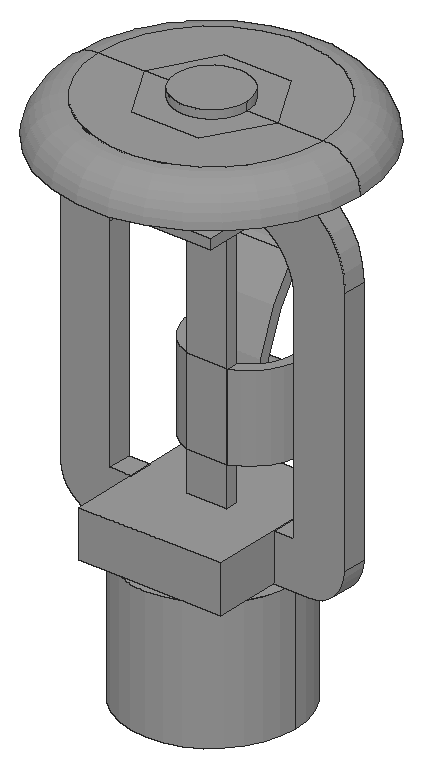
Revit family
Parameters (values of type "RASCO G UPRIGHT")
  Temperature Rating = 165 °F
  Response = (empty or 0)
  RASCO SIN # = "R1026"
  RASCO Part # = "GU1LHB"
  Pressure Rating = "175 PSI"
  Pressure Class = (empty or 0)
  Orifice Size = 17/32"
  Orifice = (empty or 0)
  Model = "G"
  Manufacturer = "RASCO"
  K-Factor = 7.96
  Description = "Brz. Finish"
  Coverage = (empty or 0)
Reference planes (in)
  plane 1 "Center (Front/Back)": y = 0
  plane 2: z = 0
  plane 3 "Center (Left/Right)": x = 0
Dimensions and locks (in)
  aligned and locked: plane 2 to level
Nested families (in)
  nested 1: "GU1LHB" at (0, 0, 0), type "RASCO G UPRIGHT"
Connectors (in)
  piping at (0, 0, 0)
    settings: on nested 1, index 1, connector radius 0.45", flow factor 0, pipe flow 0 GPM, pressure drop 0.00 psi, fitting loss kfactor 0, connector angle 0.00°, fixture units 0, flow configuration 0, flow direction 0, fitting loss method 0, system type 7, connector reference index -1, connector utility 0, adjustable connector no, is connector primary yes, fitting loss table "", connector description ""
Definition of nested family "GU1LHB"
  Parameters (values of type "RASCO G UPRIGHT")
    Type Comments = ""
    Temperature Rating = 0 °F
    Response = (empty or 0)
    Pressure Rating = "0"
    Pressure Class = (empty or 0)
    Orifice Size = 0"
    Orifice = (empty or 0)
    Model = ""
    Manufacturer = ""
    K-Factor = 0
    Description = ""
    Coverage = (empty or 0)
    Assembly Code = ""
  Reference planes (in)
    plane 1 "Center (Front/Back)": y = 0
    plane 2: z = 0
    plane 3 "ref.2": z = 0.6875
    plane 4 "ref.3": z = 0.9375
    plane 5: x = -0.38065
    plane 6: x = 0.36935
    plane 7 "ref. side 1": y = 0.06402
    plane 8 "ref. side 2": y = -0.06098
    plane 9 "ref.4": z = 1.875
    plane 10 "ref.5": z = 2.875
    plane 11 "center": x = -0.00574
  Forms (in)
    Extrusion 1, solid, material "Default"
      sketch origin (0, 0, 0) x (1, 0, 0) y (0, 1, 0)
        loop
          circle (0, 0) r 0.438
      from 0 to 0.6875
    Extrusion 2, solid, material "Default"
      sketch origin (-0.12185, 0.05177, 0.6875) x (1, 0, 0) y (0, 1, 0)
        loop
          line (-0.2588, 0.356) -> (-0.2588, -0.4565) -> (0.4912, -0.4565) -> (0.4912, 0.356) -> (-0.2588, 0.356)
      from 0 to 0.25
    Extrusion 3, solid, material "Default"
      sketch origin (0, 0, 0) x (1, 0, 0) y (0, 0, 1)
        loop
          line (-0.49248, 0.9375) -> (-0.49248, 2.10276)
          arc (-0.49248, 2.10276) -> (-0.40724, 2.30855) -> (-0.20145, 2.39379) r 0.29103
          line (-0.20145, 2.39379) -> (0.18108, 2.39379)
          arc (0.18108, 2.39379) -> (0.38905, 2.30765) -> (0.47519, 2.09969) r 0.29411
          line (0.47519, 2.09969) -> (0.47519, 0.9375) -> (0.36935, 0.9375) -> (0.36935, 0.6875) -> (0.55741, 0.6875)
          arc (0.55741, 0.6875) -> (0.69165, 0.7431) -> (0.74725, 0.87734) r 0.18984
          line (0.74725, 0.87734) -> (0.74725, 2.19113)
          arc (0.74725, 2.19113) -> (0.61669, 2.50631) -> (0.3015, 2.63687) r 0.44574
          line (0.3015, 2.63687) -> (-0.30719, 2.63687)
          arc (-0.30719, 2.63687) -> (-0.62225, 2.50637) -> (-0.75275, 2.19131) r 0.44556
          line (-0.75275, 2.19131) -> (-0.75275, 0.87876)
          arc (-0.75275, 0.87876) -> (-0.69673, 0.74352) -> (-0.56149, 0.6875) r 0.19126
          line (-0.56149, 0.6875) -> (-0.38065, 0.6875) -> (-0.38065, 0.9375) -> (-0.49248, 0.9375)
      from -0.06402 to 0.06098
    Extrusion 4, solid, material "Default"
      sketch origin (-0.00199, 0, 2.4375) x (-1, 0, 0) y (0, -1, 0)
        loop
          circle (0.00574, -0.00152) r 0.1875
      from -0.04371 to 0.4375
    Revolve 5, solid, material "Default"
      sketch origin (-0.0011, 0, 0.30638) x (1, 0, 0) y (0, 0, 1)
        loop
          line (-0.19255, 2.33367) -> (-0.19255, 2.52696) -> (-0.35809, 2.52696) -> (-0.59714, 2.52696)
          arc (-0.59714, 2.52696) -> (-0.73508, 2.47056) -> (-0.79397, 2.33367) r 0.19686
          line (-0.79397, 2.33367) -> (-0.19255, 2.33367)
        axis (-0.00574, 2.33367) -> (-0.00574, 2.52696)
      angle from 0 to 360
    Extrusion 6, solid, material "Default"
      sketch origin (0, 0, 0.9375) x (-1, 0, 0) y (0, -1, 0)
        loop
          line (-0.10175, -0.02852) -> (0.11324, -0.02852) -> (0.11324, 0.03101) -> (-0.10175, 0.03101) -> (-0.10175, -0.02852)
      from 0 to 1.45629
    Extrusion 7, solid, material "Default"
      sketch origin (-0.00574, -0.0095, -0.07537) x (0, 0, -1) y (0, -1, 0)
        loop
          line (-2.39379, 0.21198) -> (-2.39379, -0.229)
          arc (-2.39379, -0.229) -> (-2.26956, -0.41579) -> (-2.04926, -0.37342) r 0.20254
          arc (-2.04926, -0.37342) -> (-1.6599, -0.16721) -> (-1.22163, -0.12207) r 1.15319
          line (-1.22163, -0.12207) -> (-1.22163, -0.07087)
          arc (-1.22163, -0.07087) -> (-1.6782, -0.11947) -> (-2.0834, -0.33544) r 1.20419
          arc (-2.0834, -0.33544) -> (-2.24878, -0.36919) -> (-2.34279, -0.229) r 0.15154
          line (-2.34279, -0.229) -> (-2.34279, 0.21198) -> (-2.39379, 0.21198)
      from -0.17255 to 0.17398
    Extrusion 8, solid, material "Default"
      sketch origin (0, 0, 0) x (1, 0, 0) y (0, 1, 0)
        loop
          arc (0.23993, 0.23051) -> (0.19768, 0.11115) -> (0.10175, 0.02852) r 0.24647
          line (0.10175, 0.02852) -> (-0.11324, 0.02852)
          arc (-0.11324, 0.02852) -> (-0.21767, 0.12447) -> (-0.25194, 0.2621) r 0.24647
          line (-0.25194, 0.2621) -> (-0.25194, 0.40777) -> (-0.30719, 0.40777) -> (-0.30719, 0.25942)
          arc (-0.30719, 0.25942) -> (-0.25653, 0.08328) -> (-0.11324, -0.03101) r 0.30157
          line (-0.11324, -0.03101) -> (0.10175, -0.03101)
          arc (0.10175, -0.03101) -> (0.24461, 0.08262) -> (0.29574, 0.25785) r 0.30157
          line (0.29574, 0.25785) -> (0.29574, 0.40777) -> (0.23993, 0.40777) -> (0.23993, 0.23051)
      from 1.14626 to 1.59756
    Extrusion 9, solid, material "Default"
      sketch origin (-0.00574, -0.0095, -0.07537) x (0, 0, -1) y (0, -1, 0)
        loop
          circle (-1.44728, -0.26892) r 0.13147
      from -0.24568 to 0.24619
  Cuts and joins
    joined: Extrusion 1, Extrusion 2, Revolve 5
  Dimensions and locks (in)
    Revolve 5 sketch curve to Revolve 5 sketch curve = 0.78823"
    plane 10 "ref.5" to level = 2.875"
